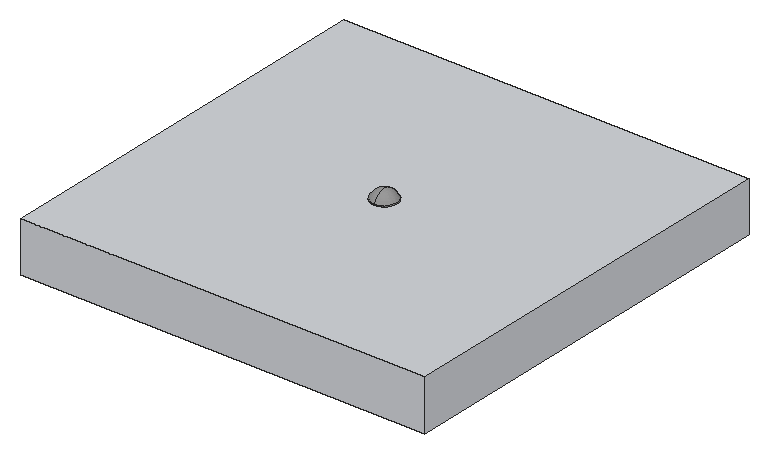
Revit family "Sveteco 8", category Осветительные приборы, Revit 2017
Family settings
  Основа = Грань
  Размер круглого соединителя = Использовать диаметр
  Тип детали = Нормальный
  При загрузке вырезать с полостями = Нет
  Источник света = Да
  Общий = Нет
  Точка расчета площади = Нет
Parameters (values of type "Sveteco NEW-8-10-Д-4.0K")
  Комментарии к типоразмеру = "Бытовые"
  Wattage Comments = ""
  Wattage = 7.4861 W
  built-in parameter 1150110 = 1 (stored number, unit not read)
  built-in parameter 1114217 = 1 (stored number, unit not read)
  Tilt Angle = 90.00°
  built-in parameter 1150109 = 1 (stored number, unit not read)
  built-in parameter 1150134 = 6
  built-in parameter 1150113 = 1 (stored number, unit not read)
  Файл фотометрической сетки = "Sveteco NEW-8-10-Д-4.0К-02.ies"
  built-in parameter 1150142 = "䕉乓㩁䵌㘭ⴳ㤱㔹਍呛卅嵔䕌䕄ൌ嬊䅄䅔㉝⸸〱㈮㄰ഷ嬊䅍啎䅆嵃䕌䕄ൌ嬊啌䍍呁卝敶整潣丠坅㠠ㄯ⼰⿄⸴䬰〯′਍䱛䵕义䥁䕒쑝￫†⃿⃪ﯫ⃵ﯭ⃵Ⳣ￫⃮⃿ﻫﯡ⃵痢李ﯭ⃵⃨ﯭ⃵਍䱛䵁䍐呁䱝䑅਍䱛䵁嵐协䅒⁍啄䥒⁓਍䥔呌丽乏൅ഊㄊㄠㄱ′‱㜳ㄠㄠ㈠†〭ㄮ㈵†〭ㄮ㈵†⸰㔰ശഊㄊㄠㄠരഊ ‰⸲‵‵⸷‵〱ㄠ⸲‵㔱ㄠ⸷‵〲㈠⸲‵㔲㈠⸷‵〳㌠⸲‵㔳㌠⸷‵〴㐠⸲‵㔴㐠⸷‵〵㔠⸲‵㔵㔠⸷‵〶㘠⸲‵㔶㘠⸷‵〷㜠⸲‵㔷㜠⸷‵〸㠠⸲വ 㔸㠠⸷‵〹਍਍†രഊ 㐠㘲㤮〱ऴ㈴⸴㜸㔷㐉㐲㠮㜷व㈴⸲㐸㘴㐉㠱㜮㠷सㄴ⸳㤶㔶㐉㌰㔮㈳र㤳⸹㘴㈶㌉㈹㌮ㄵर㠳⸱㜱〰㌉㠶㤮㈷श㔳⸶㜷ㄵ㌉㔴㔮㐹ऱ㌳⸳㤳㜶㌉㠱ㄮ㤴ह〳⸲〹ㄳ㈉㠸㘮㈷स㜲⸰㜳㘶㈉㌵〮㘹ह㌲⸶㌸㘳㈉㜱㔮ㄲर〲⸰㐲㌱ㄉㄸ㤮㔴ल㘱⸳㐶〹ㄉ㤴㐮㠱श㌱⸱㈱㔲ㄉ㘱㠮㈹ऱ〱⸳㜶㈸㤉⸱㠴㠰㜉⸹㠲㐳㘉⸸〱㐲㔉⸷㌹㠷㐉⸸㠷㠹㐉⸰㔶ㄸ㌉⸵㜵㤵㈉⸹㜴ㄷ㈉⸵ㄴ㌱"
  built-in parameter 1150105 = 88.49 (stored number, unit not read)
  Lumens = 1112 lm
  built-in parameter 1150115 = 1 (stored number, unit not read)
  built-in parameter 1150137 = (empty or 0)
  built-in parameter 1150139 = (empty or 0)
  built-in parameter 1150112 = 1 (stored number, unit not read)
  built-in parameter 1150114 = 1 (stored number, unit not read)
  built-in parameter 1150132 = 2
  built-in parameter 1150102 = (empty or 0)
  built-in parameter 1150107 = 4000 (stored number, unit not read)
  built-in parameter 1150138 = (empty or 0)
  built-in parameter 1150106 = 0.8849 (stored number, unit not read)
  Emit from Circle Diameter = 152 mm  # constant formula
  Изготовитель = "LEDEL"
  Emit Shape Visible in Rendering = no
  built-in parameter 1150104 = 13.8 (stored number, unit not read)
  Dimming Lamp Color Temperature Shift = (empty or 0)
  Default Elevation = 1219.2 mm
  Color Filter = 16777215
  built-in parameter 1114218 = 1 (stored number, unit not read)
  built-in parameter 1150133 = 10 (stored number, unit not read)
  Apparent Load = 10 VA  # constant formula
  Артикул = "202001000842100"
Types (7, lengths in mm): name | built-in parameter 1150134 | Файл фотометрической сетки | built-in parameter 1150142 | built-in parameter 1150107 | Артикул
  (no name) | 6 | "Sveteco NEW-8-10-Д-4.0К-02.ies" | "䕉乓㩁䵌㘭ⴳ㤱㔹਍呛卅嵔䕌䕄ൌ嬊䅄䅔㉝⸸〱㈮㄰ഷ嬊䅍啎䅆嵃䕌䕄ൌ嬊啌䍍呁卝敶整潣丠坅㠠ㄯ⼰⿄⸴䬰〯′਍䱛䵕义䥁䕒쑝￫†⃿⃪ﯫ⃵ﯭ⃵Ⳣ￫⃮⃿ﻫﯡ⃵痢李ﯭ⃵⃨ﯭ⃵਍䱛䵁䍐呁䱝䑅਍䱛䵁嵐协䅒⁍啄䥒⁓਍䥔呌丽乏൅ഊㄊㄠㄱ′‱㜳ㄠㄠ㈠†〭ㄮ㈵†〭ㄮ㈵†⸰㔰ശഊㄊㄠㄠരഊ ‰⸲‵‵⸷‵〱ㄠ⸲‵㔱ㄠ⸷‵〲㈠⸲‵㔲㈠⸷‵〳㌠⸲‵㔳㌠⸷‵〴㐠⸲‵㔴㐠⸷‵〵㔠⸲‵㔵㔠⸷‵〶㘠⸲‵㔶㘠⸷‵〷㜠⸲‵㔷㜠⸷‵〸㠠⸲വ 㔸㠠⸷‵〹਍਍†രഊ 㐠㘲㤮〱ऴ㈴⸴㜸㔷㐉㐲㠮㜷व㈴⸲㐸㘴㐉㠱㜮㠷सㄴ⸳㤶㔶㐉㌰㔮㈳र㤳⸹㘴㈶㌉㈹㌮ㄵर㠳⸱㜱〰㌉㠶㤮㈷श㔳⸶㜷ㄵ㌉㔴㔮㐹ऱ㌳⸳㤳㜶㌉㠱ㄮ㤴ह〳⸲〹ㄳ㈉㠸㘮㈷स㜲⸰㜳㘶㈉㌵〮㘹ह㌲⸶㌸㘳㈉㜱㔮ㄲर〲⸰㐲㌱ㄉㄸ㤮㔴ल㘱⸳㐶〹ㄉ㤴㐮㠱श㌱⸱㈱㔲ㄉ㘱㠮㈹ऱ〱⸳㜶㈸㤉⸱㠴㠰㜉⸹㠲㐳㘉⸸〱㐲㔉⸷㌹㠷㐉⸸㠷㠹㐉⸰㔶ㄸ㌉⸵㜵㤵㈉⸹㜴ㄷ㈉⸵ㄴ㌱" | 4000 (stored number, unit not read) | "202001000842100"
  Sveteco NEW-8-10-Д-5.0K | 2 | "Sveteco NEW-8-10-Д-5.0К-02.ies" | "䕉乓㩁䵌㘭ⴳ㤱㔹਍呛卅嵔䕌䕄ൌ嬊䅄䅔㉝⸸〱㈮㄰ഷ嬊䅍啎䅆嵃䕌䕄ൌ嬊啌䍍呁卝敶整潣丠坅㠠ㄯ⼰⿄⸵䬰〯′਍䱛䵕义䥁䕒쑝￫†⃿⃪ﯫ⃵ﯭ⃵Ⳣ￫⃮⃿ﻫﯡ⃵痢李ﯭ⃵⃨ﯭ⃵਍䱛䵁䍐呁䱝䑅਍䱛䵁嵐协䅒⁍啄䥒⁓਍䥔呌丽乏൅ഊㄊㄠㄱ′‱㜳ㄠㄠ㈠†〭ㄮ㈵†〭ㄮ㈵†⸰㔰ശഊㄊㄠㄠരഊ ‰⸲‵‵⸷‵〱ㄠ⸲‵㔱ㄠ⸷‵〲㈠⸲‵㔲㈠⸷‵〳㌠⸲‵㔳㌠⸷‵〴㐠⸲‵㔴㐠⸷‵〵㔠⸲‵㔵㔠⸷‵〶㘠⸲‵㔶㘠⸷‵〷㜠⸲‵㔷㜠⸷‵〸㠠⸲വ 㔸㠠⸷‵〹਍਍†രഊ 㐠㘲㤮〱ऴ㈴⸴㜸㔷㐉㐲㠮㜷व㈴⸲㐸㘴㐉㠱㜮㠷सㄴ⸳㤶㔶㐉㌰㔮㈳र㤳⸹㘴㈶㌉㈹㌮ㄵर㠳⸱㜱〰㌉㠶㤮㈷श㔳⸶㜷ㄵ㌉㔴㔮㐹ऱ㌳⸳㤳㜶㌉㠱ㄮ㤴ह〳⸲〹ㄳ㈉㠸㘮㈷स㜲⸰㜳㘶㈉㌵〮㘹ह㌲⸶㌸㘳㈉㜱㔮ㄲर〲⸰㐲㌱ㄉㄸ㤮㔴ल㘱⸳㐶〹ㄉ㤴㐮㠱श㌱⸱㈱㔲ㄉ㘱㠮㈹ऱ〱⸳㜶㈸㤉⸱㠴㠰㜉⸹㠲㐳㘉⸸〱㐲㔉⸷㌹㠷㐉⸸㠷㠹㐉⸰㔶ㄸ㌉⸵㜵㤵㈉⸹㜴ㄷ㈉⸵ㄴ㌱" | 5000 (stored number, unit not read) | "502010"
  Sveteco NEW-8-10-Д-4.0K | 6 | "Sveteco NEW-8-10-Д-4.0К-02.ies" | "䕉乓㩁䵌㘭ⴳ㤱㔹਍呛卅嵔䕌䕄ൌ嬊䅄䅔㉝⸸〱㈮㄰ഷ嬊䅍啎䅆嵃䕌䕄ൌ嬊啌䍍呁卝敶整潣丠坅㠠ㄯ⼰⿄⸴䬰〯′਍䱛䵕义䥁䕒쑝￫†⃿⃪ﯫ⃵ﯭ⃵Ⳣ￫⃮⃿ﻫﯡ⃵痢李ﯭ⃵⃨ﯭ⃵਍䱛䵁䍐呁䱝䑅਍䱛䵁嵐协䅒⁍啄䥒⁓਍䥔呌丽乏൅ഊㄊㄠㄱ′‱㜳ㄠㄠ㈠†〭ㄮ㈵†〭ㄮ㈵†⸰㔰ശഊㄊㄠㄠരഊ ‰⸲‵‵⸷‵〱ㄠ⸲‵㔱ㄠ⸷‵〲㈠⸲‵㔲㈠⸷‵〳㌠⸲‵㔳㌠⸷‵〴㐠⸲‵㔴㐠⸷‵〵㔠⸲‵㔵㔠⸷‵〶㘠⸲‵㔶㘠⸷‵〷㜠⸲‵㔷㜠⸷‵〸㠠⸲വ 㔸㠠⸷‵〹਍਍†രഊ 㐠㘲㤮〱ऴ㈴⸴㜸㔷㐉㐲㠮㜷व㈴⸲㐸㘴㐉㠱㜮㠷सㄴ⸳㤶㔶㐉㌰㔮㈳र㤳⸹㘴㈶㌉㈹㌮ㄵर㠳⸱㜱〰㌉㠶㤮㈷श㔳⸶㜷ㄵ㌉㔴㔮㐹ऱ㌳⸳㤳㜶㌉㠱ㄮ㤴ह〳⸲〹ㄳ㈉㠸㘮㈷स㜲⸰㜳㘶㈉㌵〮㘹ह㌲⸶㌸㘳㈉㜱㔮ㄲर〲⸰㐲㌱ㄉㄸ㤮㔴ल㘱⸳㐶〹ㄉ㤴㐮㠱श㌱⸱㈱㔲ㄉ㘱㠮㈹ऱ〱⸳㜶㈸㤉⸱㠴㠰㜉⸹㠲㐳㘉⸸〱㐲㔉⸷㌹㠷㐉⸸㠷㠹㐉⸰㔶ㄸ㌉⸵㜵㤵㈉⸹㜴ㄷ㈉⸵ㄴ㌱" | 4000 (stored number, unit not read) | "202001000842100"
  Sveteco NEW-8-10-Д-4.0К-02 с датчиком звука | 6 | "Sveteco NEW-8-10-Д-4.0К-02 с датчиком звука.ies" | "䕉乓㩁䵌㘭ⴳ㤱㔹਍呛卅嵔䕌䕄ൌ嬊䅄䅔㉝⸸〱㈮㄰ഷ嬊䅍啎䅆嵃䕌䕄ൌ嬊啌䍍呁卝敶整潣丠坅㠠ㄯ⼰⿄⸴䬰〯′⃱਍䱛䵕义䥁䕒쑝￫†⃿⃪ﯫ⃵ﯭ⃵Ⳣ￫⃮⃿ﻫﯡ⃵痢李ﯭ⃵⃨ﯭ⃵਍䱛䵁䍐呁䱝䑅਍䱛䵁嵐协䅒⁍啄䥒⁓਍䥔呌丽乏൅ഊㄊㄠㄱ′‱㜳ㄠㄠ㈠†〭ㄮ㈵†〭ㄮ㈵†⸰㔰ശഊㄊㄠㄠരഊ ‰⸲‵‵⸷‵〱ㄠ⸲‵㔱ㄠ⸷‵〲㈠⸲‵㔲㈠⸷‵〳㌠⸲‵㔳㌠⸷‵〴㐠⸲‵㔴㐠⸷‵〵㔠⸲‵㔵㔠⸷‵〶㘠⸲‵㔶㘠⸷‵〷㜠⸲‵㔷㜠⸷‵〸㠠⸲വ 㔸㠠⸷‵〹਍਍†രഊ 㐠㘲㤮〱ऴ㈴⸴㜸㔷㐉㐲㠮㜷व㈴⸲㐸㘴㐉㠱㜮㠷सㄴ⸳㤶㔶㐉㌰㔮㈳र㤳⸹㘴㈶㌉㈹㌮ㄵर㠳⸱㜱〰㌉㠶㤮㈷श㔳⸶㜷ㄵ㌉㔴㔮㐹ऱ㌳⸳㤳㜶㌉㠱ㄮ㤴ह〳⸲〹ㄳ㈉㠸㘮㈷स㜲⸰㜳㘶㈉㌵〮㘹ह㌲⸶㌸㘳㈉㜱㔮ㄲर〲⸰㐲㌱ㄉㄸ㤮㔴ल㘱⸳㐶〹ㄉ㤴㐮㠱श㌱⸱㈱㔲ㄉ㘱㠮㈹ऱ〱⸳㜶㈸㤉⸱㠴㠰㜉⸹㠲㐳㘉⸸〱㐲㔉⸷㌹㠷㐉⸸㠷㠹㐉⸰㔶ㄸ㌉⸵㜵㤵㈉⸹㜴ㄷ㈉⸵ㄴ㌱" | 4000 (stored number, unit not read) | "202001000842109\r\n202001000842109"
  Sveteco NEW-8-10-Д-5.0К-02 с датчиком звука | 2 | "Sveteco NEW-8-10-Д-5.0К-02.ies" | "䕉乓㩁䵌㘭ⴳ㤱㔹਍呛卅嵔䕌䕄ൌ嬊䅄䅔㉝⸸〱㈮㄰ഷ嬊䅍啎䅆嵃䕌䕄ൌ嬊啌䍍呁卝敶整潣丠坅㠠ㄯ⼰⿄⸵䬰〯′਍䱛䵕义䥁䕒쑝￫†⃿⃪ﯫ⃵ﯭ⃵Ⳣ￫⃮⃿ﻫﯡ⃵痢李ﯭ⃵⃨ﯭ⃵਍䱛䵁䍐呁䱝䑅਍䱛䵁嵐协䅒⁍啄䥒⁓਍䥔呌丽乏൅ഊㄊㄠㄱ′‱㜳ㄠㄠ㈠†〭ㄮ㈵†〭ㄮ㈵†⸰㔰ശഊㄊㄠㄠരഊ ‰⸲‵‵⸷‵〱ㄠ⸲‵㔱ㄠ⸷‵〲㈠⸲‵㔲㈠⸷‵〳㌠⸲‵㔳㌠⸷‵〴㐠⸲‵㔴㐠⸷‵〵㔠⸲‵㔵㔠⸷‵〶㘠⸲‵㔶㘠⸷‵〷㜠⸲‵㔷㜠⸷‵〸㠠⸲വ 㔸㠠⸷‵〹਍਍†രഊ 㐠㘲㤮〱ऴ㈴⸴㜸㔷㐉㐲㠮㜷व㈴⸲㐸㘴㐉㠱㜮㠷सㄴ⸳㤶㔶㐉㌰㔮㈳र㤳⸹㘴㈶㌉㈹㌮ㄵर㠳⸱㜱〰㌉㠶㤮㈷श㔳⸶㜷ㄵ㌉㔴㔮㐹ऱ㌳⸳㤳㜶㌉㠱ㄮ㤴ह〳⸲〹ㄳ㈉㠸㘮㈷स㜲⸰㜳㘶㈉㌵〮㘹ह㌲⸶㌸㘳㈉㜱㔮ㄲर〲⸰㐲㌱ㄉㄸ㤮㔴ल㘱⸳㐶〹ㄉ㤴㐮㠱श㌱⸱㈱㔲ㄉ㘱㠮㈹ऱ〱⸳㜶㈸㤉⸱㠴㠰㜉⸹㠲㐳㘉⸸〱㐲㔉⸷㌹㠷㐉⸸㠷㠹㐉⸰㔶ㄸ㌉⸵㜵㤵㈉⸹㜴ㄷ㈉⸵ㄴ㌱" | 5000 (stored number, unit not read) | "502020"
  Sveteco NEW-8-10-Д-4.0К-02-12-36 DC | 6 | "Sveteco NEW-8-10-Д-4.0К-02-12-36 DC.ies" | "䕉乓㩁䵌㘭ⴳ㤱㔹਍呛卅嵔䕌䕄ൌ嬊䅄䅔㉝⸸〱㈮㄰ഷ嬊䅍啎䅆嵃䕌䕄ൌ嬊啌䍍呁卝敶整潣丠坅㠠ㄯ⼰⿄⸴䬰〯⼲㈱㌭‶䍄ഠ嬊啌䥍䅎剉嵅⃿⃮痢￨ﯭ⃵‬⃠⃥⃿⃮⃨痢￨†⃩෩嬊䅌偍䅃嵔䕌ൄ嬊䅌偍佝剓䵁䐠剕卉ഠ吊䱉㵔低䕎਍਍‱ㄱ㈱ㄠ㌠‷‱‱′ⴠ⸰㔱′ⴠ⸰㔱′〠〮㘵਍਍‱‱〱਍਍〠㈠㔮㔠㜠㔮ㄠ‰㈱㔮ㄠ‵㜱㔮㈠‰㈲㔮㈠‵㜲㔮㌠‰㈳㔮㌠‵㜳㔮㐠‰㈴㔮㐠‵㜴㔮㔠‰㈵㔮㔠‵㜵㔮㘠‰㈶㔮㘠‵㜶㔮㜠‰㈷㔮㜠‵㜷㔮㠠‰㈸㔮਍㠠‵㜸㔮㤠രഊ 〠਍਍†㈴⸶ㄹ㐰㐉㐲㠮㜷व㈴⸴㜸㔷㐉㈲㠮㐴शㄴ⸸㜷㠸㐉㌱㘮㘹व〴⸳㌵〲㌉㤹㐮㘶ल㤳⸲㔳〱㌉ㄸㄮ〷र㘳⸸㜹㘲㌉㘵㜮㔷ऱ㐳⸵㤵ㄴ㌉㌳㌮㘹षㄳ⸸㐱㤹㌉㈰㤮㌰ऱ㠲⸸㜶㠲㈉〷㌮㘷श㔲⸳㤰㤶㈉㘳㠮㌳शㄲ⸷㈵〱㈉〰㈮ㄴळ㠱⸱㐹㈵ㄉ㌶㘮㤴र㐱⸹ㄴ㘸ㄉㄳㄮ㈲वㄱ⸶㤸ㄲㄉ㌰㘮㠷लㄹ㐮〸स㤷㈮㌸ऴ㠶ㄮ㈰ऴ㜵㤮㜳स㠴㜮㤸स〴㘮㠵ऱ㔳㔮㔷ह㤲㐮㜷ऱ㔲㐮ㄱ3" | 4000 (stored number, unit not read) | "202001000842103"
  Sveteco NEW-8-10-Д-5.0К-02-12-36 DC | 2 | "Sveteco NEW-8-10-Д-5.0К-02-12-36 DC.ies" | "䕉乓㩁䵌㘭ⴳ㤱㔹਍呛卅嵔䕌䕄ൌ嬊䅄䅔㉝⸸〱㈮㄰ഷ嬊䅍啎䅆嵃䕌䕄ൌ嬊啌䍍呁卝敶整潣丠坅㠠ㄯ⼰⿄⸵䬰〯⼲㈱㌭‶䍄†਍䱛䵕义䥁䕒쑝￫†⃿⃪ﯫ⃵ﯭ⃵Ⳣ￫⃮⃿ﻫﯡ⃵痢李ﯭ⃵⃨ﯭ⃵਍䱛䵁䍐呁䱝䑅਍䱛䵁嵐协䅒⁍啄䥒⁓਍䥔呌丽乏൅ഊㄊㄠㄱ′‱㜳ㄠㄠ㈠†〭ㄮ㈵†〭ㄮ㈵†⸰㔰ശഊㄊㄠㄠരഊ ‰⸲‵‵⸷‵〱ㄠ⸲‵㔱ㄠ⸷‵〲㈠⸲‵㔲㈠⸷‵〳㌠⸲‵㔳㌠⸷‵〴㐠⸲‵㔴㐠⸷‵〵㔠⸲‵㔵㔠⸷‵〶㘠⸲‵㔶㘠⸷‵〷㜠⸲‵㔷㜠⸷‵〸㠠⸲വ 㔸㠠⸷‵〹਍਍†രഊ 㐠㘲㤮〱ऴ㈴⸴㜸㔷㐉㐲㠮㜷व㈴⸲㐸㘴㐉㠱㜮㠷सㄴ⸳㤶㔶㐉㌰㔮㈳र㤳⸹㘴㈶㌉㈹㌮ㄵर㠳⸱㜱〰㌉㠶㤮㈷श㔳⸶㜷ㄵ㌉㔴㔮㐹ऱ㌳⸳㤳㜶㌉㠱ㄮ㤴ह〳⸲〹ㄳ㈉㠸㘮㈷स㜲⸰㜳㘶㈉㌵〮㘹ह㌲⸶㌸㘳㈉㜱㔮ㄲर〲⸰㐲㌱ㄉㄸ㤮㔴ल㘱⸳㐶〹ㄉ㤴㐮㠱श㌱⸱㈱㔲ㄉ㘱㠮㈹ऱ〱⸳㜶㈸㤉⸱㠴㠰㜉⸹㠲㐳㘉⸸〱㐲㔉⸷㌹㠷㐉⸸㠷㠹㐉⸰㔶ㄸ㌉⸵㜵㤵㈉⸹㜴ㄷ㈉⸵ㄴ㌱" | 5000 (stored number, unit not read) | "502016"
Reference planes
  plane 1 "Center (Front/Back)": y = 0
  plane 2: z = 0
  plane 3 "Center (Left/Right)": x = 0
Forms (mm)
  Extrusion 1, solid
    sketch origin (0, 0, 0) x (1, 0, 0) y (0, 1, 0)
      loop
        line (-1219.2, 1219.2) -> (-1219.2, -1219.2) -> (1219.2, -1219.2) -> (1219.2, 1219.2) -> (-1219.2, 1219.2)
    from 0 to -304.8
  Revolve 2, solid, material "Поликарбонат, дымчатый"
    sketch origin (0, 0, 55.969) x (0, -1, 0) y (0, 0, -1)
      loop
        line (0, 54.169) -> (-75.697, 54.169)
        spline (-75.697, 54.169) -> (-71.408, 46.16) -> (-66.54, 38.666) -> (-61.155, 31.724) -> (-55.319, 25.37) -> (-49.093, 19.639) -> (-42.543, 14.567) -> (-35.733, 10.191) -> (-28.725, 6.546) -> (-21.584, 3.669) -> (-14.374, 1.595) -> (-7.158, 0.36) -> (0, 0)
        line (0, 0) -> (0, 54.169)
      axis (0, 0) -> (0, 54.169)
    angle from 0 to 360
  Revolve 3, solid, material "Алюминий"
    sketch origin (0, 0, 55.969) x (0, -1, 0) y (0, 0, -1)
      loop
        arc (-75.554, 56) -> (-75.944, 55.794) -> (-75.994, 55.354) r 0.473
        arc (-75.994, 55.354) -> (-75.709, 54.744) -> (-75.349, 54.174) r 5.272
        line (-75.349, 54.174) -> (0, 54.174) -> (0, 56) -> (-75.554, 56)
      axis (0, 54.174) -> (0, 56)
    angle from 0 to 360
Dimensions and locks
  aligned and locked: plane 2 to Extrusion 1
  aligned and locked: level to Extrusion 1
Connectors
  electrical at (0, 0, 0), driven by "Apparent Load"
    settings: on Extrusion 1, index 1, voltage 230 V, apparent load 0 VA, apparent load phase1 10 VA, apparent load phase2 0 VA, apparent load phase3 0 VA, power factor 1, load classification "Освещение", number of poles 1, system type 31, power factor state 1, is connector primary yes, connector utility no, sub classification motor no, connector description ""
